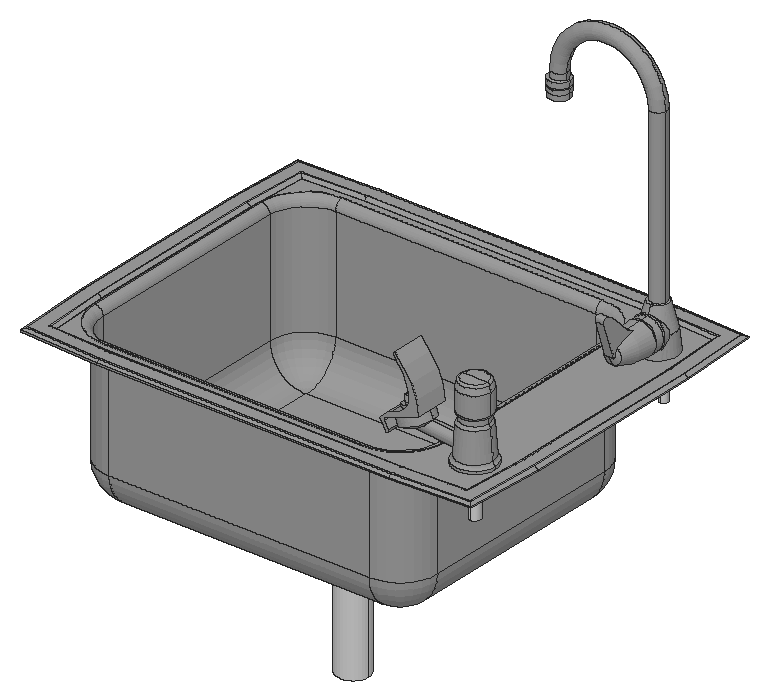
Revit family "equip-sink-clsrm-elkay-s-lustrtne-drkr2217rc", category Plumbing Fixtures, Revit 2019
Family settings
  Round Connector Dimension = Use Radius
  Part Type = Normal
  OmniClass Number = 23.45.05.14.14.27
  OmniClass Title = Service Sinks
  Work Plane-Based = Yes
  Always vertical = Yes
  Cut with Voids When Loaded = No
  Shared = No
  Room Calculation Point = No
Parameters (values of type "DRKR2217RC")
  URL = "www.elkayusa.com"
  Stem Material = Metal - Steel
  Specification Sheet URL = "http://www.elkayusa.com/cps/rde/xbcr/elkay/01-20G_DRKR(Q)2217_DRKAD(Q)2217.pdf"
  Sink Width = 1' - 5"
  Sink Part = "DRKR2217R-2"
  Sink Material = Metal - Steel - Stainless - Chrome
  Sink Length = 1' - 10"
  Sink Ledge Right Width Hidden = if(Sink Ledge Right Width > 0' 1 1/2", Sink Ledge Right Width, 0' 1 1/2")  # 0' - 4 1/2"
  Sink Ledge Right Width = 0' - 4 1/2"
  Sink Ledge Left Width Hidden = if(Sink Ledge Left Width > 0' 1 1/2", Sink Ledge Left Width, 0' 1 1/2")  # 0' - 1 1/2"
  Sink Ledge Left Width = 0' - 1 1/2"
  Sink Ledge Front Width Hidden = if(Sink Ledge Front Width > 0' 1 1/2", Sink Ledge Front Width, 0' 1 1/2")  # 0' - 1 3/4"
  Sink Ledge Front Width = 0' - 1 3/4"
  Sink Ledge Back Width Hidden = if(Sink Ledge Back Width > 0' 1 1/2", Sink Ledge Back Width, 0' 1 1/2")  # 0' - 1 3/4"
  Sink Ledge Back Width = 0' - 1 3/4"
  Right Faucet Hole Three Top = 0' - 0 1/8"
  Right Faucet Hole Three = Right Faucet Hole Three Top > 0' 0 63/256"  # no
  Right Faucet Hole OneTwo Top = 0' - 0 1/8"
  Right Faucet Hole OneTwo = Right Faucet Hole OneTwo Top > 0' 0 63/256"  # no
  Right Faucet Hole One to CL = 0' - 4"
  Nominal Radius = Nominal Dia / 2  # 0' - 0 3/16"
  Nominal Dia = 0' - 0 3/8"
  Left Faucet Hole Three = Left Faucet Hole Three Top > 0' 0 63/256"  # no
  Left Faucet Hole OneTwo = Left Faucet Hole OneTwo Top > 0' 0 63/256"  # no
  HW Flow Rate = 2 GPM
  Faucet Part = "LKD208513L"
  Faucet Material = Metal - Steel - Stainless - Chrome
  Drain Part = "LK35"
  Drain Material = Metal - Steel - Stainless - Chrome
  CW Flow Rate = 2 GPM
  Bubbler Part = "LK1141A"
  Bubbler Nominal Radius = Bubbler Nominal Dia / 2  # 0' - 0 1/4"
  Bubbler Nominal Dia = 0' - 0 1/2"
  Bubbler Material = Metal - Steel - Stainless - Chrome
  Bubbler CW Flow Rate = 2 GPM
  Bubbler Back Left = Bubbler Back Left Top > 0' 0 63/256"  # no
  Bubbler Front Right = Bubbler Front Right Top > 0' 0 63/256"  # yes
  Bubbler Front Left = Bubbler Front Left Top > 0' 0 63/256"  # no
  Bubbler Back Right = Bubbler Back Right Top > 0' 0 63/256"  # yes
  Back Faucet Hole Three = Back Faucet Hole Three Top > 0' 0 63/256"  # no
  Back Faucet Hole OneTwo = Back Faucet Hole OneTwo Top > 0' 0 63/256"  # no
  Back Faucet CL to Back = 0' - 2 1/4"
  Left Faucet Hole Three Top = 0' - 0 1/8"
  Left Faucet Hole OneTwo Top = 0' - 0 1/8"
  Bubbler Back Right Top = 0' - 0 1/2"
  Bubbler Front Right Radius = 0' - 0 9/16"
  Bubbler Front Left Radius = 0' - 0 9/16"
  Back Faucet Hole One to CL = 0' - 3"
  Drain CL LR to Left Bowl Edge = Bowl Length / 2  # 0' - 8"
  Bubbler Right from Edge = 0' - 2 1/4"
  Bubbler Back Left Top = 0' - 0 1/8"
  Bubbler Front Left Top = 0' - 0 1/8"
  Bubbler Left From Edge = 0' - 2 1/4"
  Back Faucet Hole Three Top = 0' - 0 1/8"
  Back Faucet Hole OneTwo Top = 0' - 0 1/8"
  Bowl Depth = 0' - 7 5/8"
  Bubbler Front Right Top = 0' - 0 1/2"
  Sanitary Flow Rate = 10 GPM
  OmniClass Title = "Service Sinks"
  OmniClass Code = "23.45.05.14.14.27"
  Sanitary Nominal Radius = Sanitary Nominal Dia / 2  # 0' - 0 3/4"
  Sanitary Nominal Dia = 0' - 1 1/2"
  Model = "DRKR2217RC"
  Minimum Cabinet Width = "27\""
  MasterFormat Title = "Commercial Sinks"
  MasterFormat Number = "22.42.16.16"
  Manufacturer = "Elkay Manufacturing"
  Bowl Drain Location FB = 0' - 6 3/4"
  Description = "Lustertone Classroom Single Bowl Sink"  # constant formula
  Default Elevation = 3' - 0"
  Deep Specification Sheet URL = ""
  Date Created = "2011-05-08"
  Bowl Length = Sink Length - Sink Ledge Left Width - Sink Ledge Right Width  # 1' - 4"
  Bowl Width = (Sink Width - Sink Ledge Front Width - Sink Ledge Back Width)  # 1' - 1 1/2"
  Assembly Code = "D2010410"
Reference planes (in)
  plane 1 "CL Sink Hole": y = 0
  plane 2 "Sink Deck": z = 0
  plane 3 "Center (Left/Right)": x = 0
  plane 4 "Basin Edge Left": x = -9.5
  plane 5 "Basin Edge Right": x = 6.5
  plane 6 "Back Right Bowl Edge": y = 6.75
  plane 7 "Basin Edge Front": y = -6.75
  plane 8 "Left": x = -11
  plane 9 "Right": x = 11
  plane 10 "Back": y = 8.5
  plane 11 "Front": y = -8.5
  plane 12 "Sink Angle Back Corner": y = 8.3125
  plane 13 "Sink Angle Right Corner": x = 10.8125
  plane 14 "Sink Angle Right": x = 7
  plane 15 "Sink Angle Back": y = 4.5
  plane 16 "Sink Angle Left": x = -7
  plane 17 "Sink Angle Left Corner": x = -10.8125
  plane 18 "Sink Angle Front Corner": y = -8.3125
  plane 19 "Sink Angle Front": y = -4.5
  plane 20 "Edge Opening Right": x = 6.921875
  plane 21 "Edge Opening Left": x = -9.921875
  plane 22 "Sink Top Piece Bottom Face": z = -0.0625
  plane 23 "Top Radius Corner Prot": z = -0.421875
  plane 24 "Left Sink Bottom Piece Left Edge": x = -7.8125
  plane 25 "Sink Bottom Piece Right Edge": x = 4.8125
  plane 26 "Sink Bottom Piece Back Edge": y = 5.0625
  plane 27 "Sink Bottom Piece Front Edge": y = -5.0625
  plane 28 "Center (Front/Back)": y = 0
  plane 29 "Right Bowl CL Drain": x = -1.5
  plane 30 "Edge Opening Front": y = -7.171875
  plane 31 "Right Sink Right Edge Radius": x = 4.75
  plane 32 "Front Edge Bottom Edge Radius": y = -5
  plane 33 "Back Edge Bottom Edge Radius": y = 5
  plane 34 "Back Right Edge Opening": y = 7.171875
  plane 35 "Left Bowl Bottom Edge Radius": x = -7.75
  plane 36 "Masking Region": z = 1.2515695
  plane 37 "Sink Angle Right Inside Corner": x = 9.9925507
  plane 38 "Sink Angle Back Inside Corner": y = 7.4925507
  plane 39 "Sink Angle Front Inside Corner": y = -7.4925507
  plane 40 "Sink Angle Left Inside Corner": x = -9.9925507
  plane 41 "Sink Angle Right Inside Offset Corner": x = 9.8511143
  plane 42 "Sink Angle Back Inside Offset Corner": y = 7.3511143
  plane 43 "Sink Angle Front Inside Offset Corner": y = -7.3511143
  plane 44 "Sink Angle Left Inside Offset Corner": x = -9.8511143
  plane 45 "Right Bowl Bottom Top Face": z = -7.5047681
  plane 46 "Right Bowl Bottom Bottom Face": z = -7.5672681
  plane 47 "Right Bowl Bottom Top of Radius": z = -5.8172681
  plane 48 "Right Sink Drain Elev Bottom": z = -9.0047681
  plane 49 "Right Sink Drain Top Elev": z = -8.7547681
  plane 50 "Faucet Hole Bottom": z = -0.25
  plane 51 "Left Faucet Hole Top": z = 0.25
  plane 52 "Faucet Hole CL Front/Back": y = 6.25
  plane 53 "Faucet Back Hole One-Two": z = -0.125
  plane 54 "Right Faucet Hole 1": x = -4.5
  plane 55 "Right Faucet Hole 2": x = -0.5
  plane 56 "Right Faucet Hole 3": x = 3.5
  plane 57 "Left  Bubbler CL Left/Right": x = -8.75
  plane 58 "Right Bubbler CL Left/Right": x = 8.75
  plane 59 "Bubbler Front CL": y = -5.5
  plane 60 "Top of Rim": z = 0.1202319
  plane 61 "CL Bowl Left/Right": x = -1.5
  plane 62 "Left Front Bubbler Top": z = -0.125
  plane 63 "Faucet Back Hole Three": z = -0.125
  plane 64 "Bubbler Rear CL F B": y = 5.5
  plane 65 "Bubbler Rear Left Top": z = -0.125
  plane 66 "Right Faucet Hole Three": y = 4
  plane 67 "Right Faucet Hole Two": y = 0
  plane 68 "Right Faucet Hole One": y = -4
  plane 69 "CL Bowl Front/Back": y = 0
  plane 70 "Right Faucet Hole OneTwo Top": z = -0.125
  plane 71 "Right Faucet Hole Three Top": z = -0.125
  plane 72 "Left Faucet Hole OneTwo Top": z = -0.125
  plane 73 "Left Faucet Hole Three Top": z = -0.125
  plane 74 "Bubble Rear Right Top": z = 0.25
Forms (in)
  Extrusion 1, solid, material "Metal - Steel - Stainless - Chrome" <- "Sink Material"
    sketch origin (0, 0, 0) x (1, 0, 0) y (0, 1, 0)
      loop
        line (-7.75, -7.171875) -> (4.75, -7.171875)
        arc (4.75, -7.171875) -> (6.2857475, -6.5357475) -> (6.921875, -5) r 2.171875
        line (6.921875, -5) -> (6.921875, 5)
        arc (6.921875, 5) -> (6.2857475, 6.5357475) -> (4.75, 7.171875) r 2.171875
        line (4.75, 7.171875) -> (-7.75, 7.171875)
        arc (-7.75, 7.171875) -> (-9.2857475, 6.5357475) -> (-9.921875, 5) r 2.171875
        line (-9.921875, 5) -> (-9.921875, -5)
        arc (-9.921875, -5) -> (-9.2857475, -6.5357475) -> (-7.75, -7.171875) r 2.171875
      loop
        line (-7, 7.4925507) -> (-9.8511143, 7.3511143) -> (-9.9925507, 4.5) -> (-9.9925507, -4.5) -> (-9.8511143, -7.3511143) -> (-7, -7.4925507) -> (7, -7.4925507) -> (9.8511143, -7.3511143) -> (9.9925507, -4.5) -> (9.9925507, 4.5) -> (9.8511143, 7.3511143) -> (7, 7.4925507) -> (-7, 7.4925507)
    from -0.0625 to 0
  Extrusion 2, solid, material "Metal - Steel - Stainless - Chrome" <- "Sink Material"
    sketch origin (0, 0, 0) x (1, 0, 0) y (0, 1, 0)
      loop
        arc (-7.75, 5.0625) -> (-7.7941942, 5.0441942) -> (-7.8125, 5) r 0.0625
        line (-7.8125, 5) -> (-7.8125, -5)
        arc (-7.8125, -5) -> (-7.7941942, -5.0441942) -> (-7.75, -5.0625) r 0.0625
        line (-7.75, -5.0625) -> (4.75, -5.0625)
        arc (4.75, -5.0625) -> (4.7941942, -5.0441942) -> (4.8125, -5) r 0.0625
        line (4.8125, -5) -> (4.8125, 5)
        arc (4.8125, 5) -> (4.7941942, 5.0441942) -> (4.75, 5.0625) r 0.0625
        line (4.75, 5.0625) -> (-7.75, 5.0625)
      loop
        circle (-1.5, 0) r 2.25
    from -7.5672681 to -7.5047681
  Sweep 3, solid, material "Metal - Steel - Stainless - Chrome" <- "Sink Material"
    path origin (0, 0, -7.5047681) x (-1, 0, 0) y (0, -1, 0)
      loop
        circle (1.5, 0) r 2.25
    profile "profile-elkay-sink-d4-csk : profile-elkay-sink-d4-csk" origin (-1.5, -2.25, -7.5047681) x (0, 1, 0) y (0, 0, 1)
      loop
        line (0.5, -0.2911069) -> (0.1564602, -0.1343744)
        arc (0.1564602, -0.1343744) -> (0.1424945, -0.125589) -> (0.1313144, -0.1134552) r 0.0625
        line (0.1313144, -0.1134552) -> (0.0881719, -0.0522605)
        arc (0.0881719, -0.0522605) -> (0.0506391, -0.015074) -> (0, 0) r 0.1086
        line (0, 0) -> (0, -0.0461763)
        arc (0, -0.0461763) -> (0.0262058, -0.0541921) -> (0.0464633, -0.0726483) r 0.0625
        line (0.0464633, -0.0726483) -> (0.093406, -0.1396891)
        arc (0.093406, -0.1396891) -> (0.1129384, -0.1609677) -> (0.1373891, -0.1763448) r 0.1086
        line (0.1373891, -0.1763448) -> (0.5, -0.3417784) -> (0.5, -0.2911069)
  Sweep 4, solid, material "Metal - Steel - Stainless - Chrome" <- "Sink Material"
    path origin (0, 0, 0) x (1, 0, 0) y (0, 1, 0)
      loop
        line (-7.75, -6.75) -> (4.75, -6.75)
        arc (4.75, -6.75) -> (5.9874369, -6.2374369) -> (6.5, -5) r 1.75
        line (6.5, -5) -> (6.5, 5)
        arc (6.5, 5) -> (5.9874369, 6.2374369) -> (4.75, 6.75) r 1.75
        line (4.75, 6.75) -> (-7.75, 6.75)
        arc (-7.75, 6.75) -> (-8.9874369, 6.2374369) -> (-9.5, 5) r 1.75
        line (-9.5, 5) -> (-9.5, -5)
        arc (-9.5, -5) -> (-8.9874369, -6.2374369) -> (-7.75, -6.75) r 1.75
    profile origin (-1.5, -6.75, 0) x (0, 1, 0) y (0, 0, 1)
      loop
        arc (0, -0.421875) -> (-0.1235643, -0.1235643) -> (-0.421875, 0) r 0.421875
        line (-0.421875, 0) -> (-0.421875, -0.0625)
        arc (-0.421875, -0.0625) -> (-0.1677585, -0.1677585) -> (-0.0625, -0.421875) r 0.359375
        line (-0.0625, -0.421875) -> (-0.0625, -5.8172681)
        arc (-0.0625, -5.8172681) -> (0.4500631, -7.054705) -> (1.6875, -7.5672681) r 1.75
        line (1.6875, -7.5672681) -> (1.6875, -7.5047681)
        arc (1.6875, -7.5047681) -> (0.4942573, -7.0105108) -> (0, -5.8172681) r 1.6875
        line (0, -5.8172681) -> (0, -0.421875)
  Extrusion 5, solid, material "Glass", not visible
    sketch origin (0, 0, -4.7547681) x (0, -1, 0) y (1, 0, 0)
      loop
        circle (0, -1.5) r 0.75
    from -4.25 to -4
  Sweep 6, solid, material "Metal - Steel - Stainless - Chrome" <- "Sink Material"
    path origin (0, 0, 0) x (1, 0, 0) y (0, 1, 0)
      loop
        line (-7, -8.5) -> (7, -8.5) -> (10.8125, -8.3125) -> (11, -4.5) -> (11, 4.5) -> (10.8125, 8.3125) -> (7, 8.5) -> (-7, 8.5) -> (-10.8125, 8.3125) -> (-11, 4.5) -> (-11, -4.5) -> (-10.8125, -8.3125) -> (-7, -8.5)
    profile "profile-elkay-sink-rim-9 : profile-elkay-sink-rim-9" origin (0, -8.5, 0) x (0, 1, 0) y (0, 0, 1)
      loop
        line (0, 0.0163327) -> (0, -0.0360681) -> (0.2039181, 0.0741316) -> (0.8052651, 0.0741316) -> (1.0074493, -0.0546586) -> (1.0074493, 0) -> (0.841093, 0.1059673)
        arc (0.841093, 0.1059673) -> (0.8176388, 0.1165931) -> (0.7921483, 0.1202319) r 0.091102
        line (0.7921483, 0.1202319) -> (0.2153023, 0.1202319)
        arc (0.2153023, 0.1202319) -> (0.1929626, 0.1174506) -> (0.1719868, 0.1092765) r 0.0911081
        line (0.1719868, 0.1092765) -> (0, 0.0163327)
  Extrusion 7, void
    sketch origin (0, 0, 0) x (1, 0, 0) y (0, 1, 0)
      loop
        circle (8.75, -5.5) r 0.5625
    from -0.25 to 0.25
  Extrusion 8, void
    sketch origin (0, 0, 0) x (1, 0, 0) y (0, 1, 0)
      loop
        circle (8.75, 5.5) r 0.5625
    from -0.25 to 0.25
Cuts and joins
  joined: Extrusion 2, Sweep 3, Sweep 4
  Extrusion 7, Extrusion 8 cuts Extrusion 1
Lines and regions (in)
  Masking region 1
    outline origin (0, 0, 1.2515695) x (-1, 0, 0) y (0, -1, 0)
      loop
        line (7, -8.5) -> (10.8125, -8.3125) -> (11, -4.5) -> (11, 4.5) -> (10.8125, 8.3125) -> (7, 8.5) -> (-7, 8.5) -> (-10.8125, 8.3125) -> (-11, 4.5) -> (-11, -4.5) -> (-10.8125, -8.3125) -> (-7, -8.5) -> (7, -8.5)
  reference lines, not visible
    curve 1: line (7, 8.5, 0) -> (10.8125, 8.3125, 0)
    curve 2: line (10.8125, 8.3125, 0) -> (11, 4.5, 0)
    curve 3: line (-7, 8.5, 0) -> (-10.8125, 8.3125, 0)
    curve 4: line (-10.8125, 8.3125, 0) -> (-11, 4.5, 0)
    curve 5: line (-11, -4.5, 0) -> (-10.8125, -8.3125, 0)
    curve 6: line (-10.8125, -8.3125, 0) -> (-7, -8.5, 0)
    curve 7: line (11, -4.5, 0) -> (10.8125, -8.3125, 0)
    curve 8: line (10.8125, -8.3125, 0) -> (7, -8.5, 0)
    curve 9: arc (0, -6.75, -0.421875) -> (0, -6.8735643, -0.1235643) -> (0, -7.171875, 0) r 0.421875
    curve 10: arc (4.8125, 5, 0) -> (4.7941942, 5.0441942, 0) -> (4.75, 5.0625, 0) r 0.0625
    curve 11: arc (-8.8125, 5, 0) -> (-8.7941942, 5.0441942, 0) -> (-8.75, 5.0625, 0) r 0.0625
    curve 12: arc (-8.75, -5.0625, 0) -> (-8.7941942, -5.0441942, 0) -> (-8.8125, -5, 0) r 0.0625
    curve 13: arc (4.8125, -5, 0) -> (4.7941942, -5.0441942, 0) -> (4.75, -5.0625, 0) r 0.0625
    curve 14: arc (6.5, 5, 0) -> (5.9874369, 6.2374369, 0) -> (4.75, 6.75, 0) r 1.75
    curve 15: arc (6.5, -5, 0) -> (5.9874369, -6.2374369, 0) -> (4.75, -6.75, 0) r 1.75
    curve 21: circle (-1.5, 0, -9.0047681) r 0.75 normal (0, 0, 1)
  reference lines
    curve 16: arc (6.921875, 5, 0) -> (6.2857475, 6.5357475, 0) -> (4.75, 7.171875, 0) r 2.171875
    curve 17: arc (6.921875, -5, 0) -> (6.2857475, -6.5357475, 0) -> (4.75, -7.171875, 0) r 2.171875
    curve 22: line (9.9925507, -4.5, 0) -> (9.8511143, -7.3511143, 0)
    curve 23: line (7, -7.4925507, 0) -> (9.8511143, -7.3511143, 0)
    curve 24: line (-9.9925507, -4.5, 0) -> (-9.8511143, -7.3511143, 0)
    curve 25: line (9.9925507, 4.5, 0) -> (9.8511143, 7.3511143, 0)
    curve 26: line (9.8511143, 7.3511143, 0) -> (7, 7.4925507, 0)
    curve 27: line (-7, 7.4925507, 0) -> (-9.8511143, 7.3511143, 0)
    curve 28: line (-9.8511143, 7.3511143, 0) -> (-9.9925507, 4.5, 0)
    curve 29: line (-7, -7.4925507, 0) -> (-9.8511143, -7.3511143, 0)
    curve 30: arc (0, -5.0625, -7.5047681) -> (0, -6.2557427, -7.0105108) -> (0, -6.75, -5.8172681) r 1.6875
    curve 31: arc (-7.75, -5.0625, 0) -> (-7.7941942, -5.0441942, 0) -> (-7.8125, -5, 0) r 0.0625
    curve 32: arc (-7.75, -6.75, 0) -> (-8.9874369, -6.2374369, 0) -> (-9.5, -5, 0) r 1.75
    curve 33: arc (-9.921875, -5, 0) -> (-9.2857475, -6.5357475, 0) -> (-7.75, -7.171875, 0) r 2.171875
    curve 34: arc (-9.5, 5, 0) -> (-8.9874369, 6.2374369, 0) -> (-7.75, 6.75, 0) r 1.75
    curve 35: arc (-9.921875, 5, 0) -> (-9.2857475, 6.5357475, 0) -> (-7.75, 7.171875, 0) r 2.171875
    curve 36: arc (-7.8125, 5, 0) -> (-7.7941942, 5.0441942, 0) -> (-7.75, 5.0625, 0) r 0.0625
    curve 54: circle (8.75, -5.5, 0) r 0.5625 normal (0, 0, 1)
    curve 55: circle (-8.75, -5.5, 0) r 0.5625 normal (0, 0, 1)
  symbolic lines, style "Sinks"
    curve 18: line (6.5, 5, 1.2515695) -> (6.5, -4.718498, 1.2515695)
    curve 20: arc (6.5, 5, 1.2515695) -> (6.4989106, 5.0617405, 1.2515695) -> (6.4956436, 5.123404, 1.2515695) r 1.75
    curve 37: line (-7.75, 6.75, 1.2515695) -> (4.75, 6.75, 1.2515695)
    curve 38: line (-7.75, -6.75, 1.2515695) -> (4.75, -6.75, 1.2515695)
    curve 39: line (-9.5, 5, 1.2515695) -> (-9.5, -4.7191231, 1.2515695)
    curve 40: arc (-7.75, -6.75, 1.2515695) -> (-8.388996, -6.6291667, 1.2515695) -> (-8.9397497, -6.2833533, 1.2515695) r 1.75
    curve 41: arc (-9.5, 5, 1.2515695) -> (-9.4988979, 5.0620968, 1.2515695) -> (-9.4955931, 5.1241153, 1.2515695) r 1.75
    curve 42: line (-7, 7.4925507, 1.2515695) -> (7, 7.4925507, 1.2515695)
    curve 43: line (-9.9925507, -4.5, 1.2515695) -> (-9.9925507, 4.5, 1.2515695)
    curve 44: line (9.9925507, 4.5, 1.2515695) -> (9.9925507, -4.5, 1.2515695)
    curve 45: line (7, -7.4925507, 1.2515695) -> (-7, -7.4925507, 1.2515695)
    curve 46: line (9.9925507, -4.5, 1.2515695) -> (9.8511143, -7.3511143, 1.2515695)
    curve 47: line (7, -7.4925507, 1.2515695) -> (9.8511143, -7.3511143, 1.2515695)
    curve 48: line (-7, -7.4925507, 1.2515695) -> (-9.8511143, -7.3511143, 1.2515695)
    curve 49: line (-7, 7.4925507, 1.2515695) -> (-9.8511143, 7.3511143, 1.2515695)
    curve 50: line (-9.8511143, 7.3511143, 1.2515695) -> (-9.9925507, 4.5, 1.2515695)
    curve 51: line (9.8511143, 7.3511143, 1.2515695) -> (7, 7.4925507, 1.2515695)
    curve 52: line (9.9925507, 4.5, 1.2515695) -> (9.8511143, 7.3511143, 1.2515695)
    curve 53: line (-9.9925507, -4.5, 1.2515695) -> (-9.8511143, -7.3511143, 1.2515695)
    curve 58: circle (-1.5, 0, 1.2515695) r 2.25 normal (0, 0, 1)
    curve 59: circle (-1.5, 0, 1.2515695) r 1.75 normal (0, 0, 1)
    curve 60: arc (-9.2651505, 5.875682, 1.2515695) -> (-8.624659, 6.5157413, 1.2515695) -> (-7.75, 6.75, 1.2515695) r 1.75
    curve 61: arc (-9.4955931, 5.1241153, 1.2515695) -> (-9.4231185, 5.5130055, 1.2515695) -> (-9.2651505, 5.875682, 1.2515695) r 1.75
    curve 63: arc (-8.9397497, -6.2833533, 1.2515695) -> (-9.3538332, -5.7001565, 1.2515695) -> (-9.5, -5, 1.2515695) r 1.75
    curve 64: arc (5.9420721, -6.2811963, 1.2515695) -> (5.3904711, -6.6285874, 1.2515695) -> (4.75, -6.75, 1.2515695) r 1.75
    curve 66: arc (6.265048, 5.8758593, 1.2515695) -> (5.6245702, 6.5157925, 1.2515695) -> (4.75, 6.75, 1.2515695) r 1.75
  symbolic lines, style "InvisibleLines"
    curve 19: arc (6.5, -5, 1.2515695) -> (6.3544666, -5.6987037, 1.2515695) -> (5.9420721, -6.2811963, 1.2515695) r 1.75
    curve 62: line (-9.5, -4.7191231, 1.2515695) -> (-9.5, -5, 1.2515695)
    curve 65: line (6.5, -4.718498, 1.2515695) -> (6.5, -5, 1.2515695)
    curve 67: arc (6.4956436, 5.123404, 1.2515695) -> (6.4231929, 5.5127625, 1.2515695) -> (6.265048, 5.8758593, 1.2515695) r 1.75
  symbolic lines, style "InvisibleLines", visible <- "Bubbler Back Right"
    curve 56: circle (8.75, 5.5, 1.2515695) r 0.5625 normal (0, 0, 1)
  symbolic lines, style "InvisibleLines", visible <- "Bubbler Front Right"
    curve 57: circle (8.75, -5.5, 1.2515695) r 0.5625 normal (0, 0, 1)
Dimensions and locks (in)
  "Sink Ledge Left Width Hidden": plane 8 "Left" to plane 4 "Basin Edge Left"
  "Sink Ledge Right Width Hidden": plane 5 "Basin Edge Right" to plane 9 "Right"
  "Sink Length": plane 8 "Left" to plane 9 "Right"
  "Bowl Drain Location FB": plane 6 "Back Right Bowl Edge" to plane 1 "CL Sink Hole"
  "Sink Ledge Back Width Hidden": plane 10 "Back" to plane 6 "Back Right Bowl Edge"
  "Sink Ledge Front Width Hidden": plane 7 "Basin Edge Front" to plane 11 "Front"
  locked: plane 13 "Sink Angle Right Corner" to plane 9 "Right" at 0.1875
  locked: plane 10 "Back" to plane 12 "Sink Angle Back Corner" at 0.1875
  locked: plane 14 "Sink Angle Right" to plane 9 "Right" at 4
  locked: plane 10 "Back" to plane 15 "Sink Angle Back" at 4
  locked: plane 8 "Left" to plane 17 "Sink Angle Left Corner" at 0.1875
  locked: plane 8 "Left" to plane 16 "Sink Angle Left" at 4
  locked: plane 18 "Sink Angle Front Corner" to plane 11 "Front" at 0.1875
  locked: plane 19 "Sink Angle Front" to plane 11 "Front" at 4
  "Sink Width": plane 10 "Back" to plane 11 "Front"
  locked: plane 21 "Edge Opening Left" to plane 4 "Basin Edge Left" at 0.421875
  locked: plane 27 "Sink Bottom Piece Front Edge" to plane 7 "Basin Edge Front" at 1.6875
  locked: plane 4 "Basin Edge Left" to plane 24 "Left Sink Bottom Piece Left Edge" at 1.6875
  locked: plane 25 "Sink Bottom Piece Right Edge" to plane 5 "Basin Edge Right" at 1.6875
  locked: plane 6 "Back Right Bowl Edge" to plane 26 "Sink Bottom Piece Back Edge" at 1.6875
  locked: plane 5 "Basin Edge Right" to plane 20 "Edge Opening Right" at 0.421875
  equal spacing: plane 10 "Back", plane 28 "Center (Front/Back)", plane 11 "Front"
  equal spacing: plane 8 "Left", plane 3 "Center (Left/Right)", plane 9 "Right"
  locked: plane 31 "Right Sink Right Edge Radius" to plane 25 "Sink Bottom Piece Right Edge" at 0.0625
  locked: plane 32 "Front Edge Bottom Edge Radius" to plane 27 "Sink Bottom Piece Front Edge" at 0.0625
  locked: plane 26 "Sink Bottom Piece Back Edge" to plane 33 "Back Edge Bottom Edge Radius" at 0.0625
  locked: plane 34 "Back Right Edge Opening" to plane 6 "Back Right Bowl Edge" at 0.421875
  locked: plane 7 "Basin Edge Front" to plane 30 "Edge Opening Front" at 0.421875
  locked: plane 24 "Left Sink Bottom Piece Left Edge" to plane 35 "Left Bowl Bottom Edge Radius" at 0.0625
  locked: plane 2 "Sink Deck" to plane 23 "Top Radius Corner Prot" at 0.421875
  locked: plane 2 "Sink Deck" to plane 22 "Sink Top Piece Bottom Face" at 0.0625
  locked: plane 36 "Masking Region" to plane 2 "Sink Deck" at 1.2515695
  locked: plane 37 "Sink Angle Right Inside Corner" to plane 9 "Right" at 1.0074493
  locked: plane 8 "Left" to plane 40 "Sink Angle Left Inside Corner" at 1.0074493
  locked: plane 10 "Back" to plane 38 "Sink Angle Back Inside Corner" at 1.0074493
  locked: plane 39 "Sink Angle Front Inside Corner" to plane 11 "Front" at 1.0074493
  locked: plane 41 "Sink Angle Right Inside Offset Corner" to plane 37 "Sink Angle Right Inside Corner" at 0.1414364
  locked: plane 42 "Sink Angle Back Inside Offset Corner" to plane 38 "Sink Angle Back Inside Corner" at 0.1414364
  locked: plane 39 "Sink Angle Front Inside Corner" to plane 43 "Sink Angle Front Inside Offset Corner" at 0.1414364
  locked: plane 40 "Sink Angle Left Inside Corner" to plane 44 "Sink Angle Left Inside Offset Corner" at 0.1414364
  locked: plane 47 "Right Bowl Bottom Top of Radius" to plane 45 "Right Bowl Bottom Top Face" at 1.6875
  locked: plane 45 "Right Bowl Bottom Top Face" to plane 46 "Right Bowl Bottom Bottom Face" at 0.0625
  "Bowl Depth": plane 60 "Top of Rim" to plane 45 "Right Bowl Bottom Top Face"
  locked: plane 49 "Right Sink Drain Top Elev" to plane 48 "Right Sink Drain Elev Bottom" at 0.25
  locked: plane 45 "Right Bowl Bottom Top Face" to plane 48 "Right Sink Drain Elev Bottom" at 1.5
  "Back Faucet CL to Back": plane 10 "Back" to plane 52 "Faucet Hole CL Front/Back"
  locked: plane 2 "Sink Deck" to plane 50 "Faucet Hole Bottom" at 0.25
  "Bubbler Front Right Top": plane 51 "Left Faucet Hole Top" to plane 50 "Faucet Hole Bottom"
  "Back Faucet Hole OneTwo Top": plane 53 "Faucet Back Hole One-Two" to plane 50 "Faucet Hole Bottom"
  "Drain CL LR to Left Bowl Edge": plane 4 "Basin Edge Left" to plane 29 "Right Bowl CL Drain"
  locked: plane 54 "Right Faucet Hole 1" to plane 55 "Right Faucet Hole 2" at 4
  locked: plane 54 "Right Faucet Hole 1" to plane 56 "Right Faucet Hole 3" at 8
  "Bubbler Right from Edge": plane 58 "Right Bubbler CL Left/Right" to plane 9 "Right"
  "Bubbler Left From Edge": plane 8 "Left" to plane 57 "Left  Bubbler CL Left/Right"
  locked: plane 59 "Bubbler Front CL" to plane 11 "Front" at 3
  locked: plane 60 "Top of Rim" to plane 2 "Sink Deck" at 0.1202319
  "Back Faucet Hole One to CL": plane 54 "Right Faucet Hole 1" to plane 61 "CL Bowl Left/Right"
  equal spacing: plane 4 "Basin Edge Left", plane 61 "CL Bowl Left/Right", plane 5 "Basin Edge Right"
  "Bubbler Front Left Top": plane 62 "Left Front Bubbler Top" to plane 50 "Faucet Hole Bottom"
  "Back Faucet Hole Three Top": plane 50 "Faucet Hole Bottom" to plane 63 "Faucet Back Hole Three"
  locked: plane 10 "Back" to plane 64 "Bubbler Rear CL F B" at 3
  "Bubbler Back Left Top": plane 65 "Bubbler Rear Left Top" to plane 50 "Faucet Hole Bottom"
  equal spacing: plane 6 "Back Right Bowl Edge", plane 69 "CL Bowl Front/Back", plane 7 "Basin Edge Front"
  "Right Faucet Hole One to CL": plane 69 "CL Bowl Front/Back" to plane 68 "Right Faucet Hole One"
  locked: plane 67 "Right Faucet Hole Two" to plane 68 "Right Faucet Hole One" at 4
  locked: plane 66 "Right Faucet Hole Three" to plane 68 "Right Faucet Hole One" at 8
  "Right Faucet Hole OneTwo Top": plane 70 "Right Faucet Hole OneTwo Top" to plane 50 "Faucet Hole Bottom"
  "Right Faucet Hole Three Top": plane 71 "Right Faucet Hole Three Top" to plane 50 "Faucet Hole Bottom"
  "Left Faucet Hole OneTwo Top": plane 72 "Left Faucet Hole OneTwo Top" to plane 50 "Faucet Hole Bottom"
  "Left Faucet Hole Three Top": plane 73 "Left Faucet Hole Three Top" to plane 50 "Faucet Hole Bottom"
  "Bubbler Back Right Top": plane 74 "Bubble Rear Right Top" to plane 50 "Faucet Hole Bottom"
  "Sanitary Nominal Radius": radius of curve 21
  "Bubbler Front Right Radius": radius of curve 54
  "Bubbler Front Left Radius": radius of curve 55
  aligned: Extrusion 1 to plane 22 "Sink Top Piece Bottom Face"
  aligned and locked: Extrusion 2 sketch curve to curve 13
  aligned and locked: Extrusion 2 sketch curve to curve 10
  aligned and locked: Sweep 4 sketch curve to curve 14
  aligned and locked: Sweep 4 sketch curve to curve 15
  aligned and locked: Sweep 4 sketch curve to curve 9
  aligned and locked: Extrusion 1 sketch curve to curve 16
  aligned and locked: Extrusion 1 sketch curve to curve 17
  aligned and locked: plane 2 "Sink Deck" to Extrusion 1
  aligned and locked: Extrusion 1 to plane 22 "Sink Top Piece Bottom Face"
  aligned and locked: curve 19 to curve 15
  aligned and locked: curve 20 to curve 14
  aligned and locked: Extrusion 5 sketch curve to curve 21
  aligned and locked: Sweep 6 sketch curve to plane 11 "Front"
  aligned and locked: Sweep 6 sketch curve to plane 9 "Right"
  aligned and locked: Sweep 6 sketch curve to plane 10 "Back"
  aligned and locked: Sweep 6 sketch curve to plane 8 "Left"
  aligned and locked: Sweep 6 sketch curve to curve 4
  aligned and locked: Sweep 6 sketch curve to curve 5
  aligned and locked: Sweep 6 sketch curve to curve 7
  aligned and locked: Sweep 6 sketch curve to curve 8
  aligned and locked: Sweep 6 sketch curve to curve 2
  aligned and locked: Sweep 6 sketch curve to curve 1
  aligned and locked: Sweep 6 sketch curve to curve 3
  aligned and locked: Sweep 6 sketch curve to curve 6
  aligned and locked: Extrusion 1 sketch curve to plane 38 "Sink Angle Back Inside Corner"
  aligned and locked: Extrusion 1 sketch curve to plane 40 "Sink Angle Left Inside Corner"
  aligned and locked: Extrusion 1 sketch curve to plane 37 "Sink Angle Right Inside Corner"
  aligned and locked: Extrusion 1 sketch curve to plane 39 "Sink Angle Front Inside Corner"
  aligned and locked: Extrusion 1 sketch curve to curve 29
  aligned and locked: Extrusion 1 sketch curve to curve 24
  aligned and locked: Extrusion 1 sketch curve to curve 27
  aligned and locked: Extrusion 1 sketch curve to curve 28
  aligned and locked: Extrusion 1 sketch curve to curve 26
  aligned and locked: Extrusion 1 sketch curve to curve 25
  aligned and locked: Extrusion 1 sketch curve to curve 22
  aligned and locked: Extrusion 1 sketch curve to curve 23
  aligned and locked: Sweep 4 sketch curve to curve 30
  aligned and locked: plane 45 "Right Bowl Bottom Top Face" to cut or joined group of Extrusion 2, Sweep 3, Sweep 4
  aligned and locked: cut or joined group of Extrusion 2, Sweep 3, Sweep 4 to plane 46 "Right Bowl Bottom Bottom Face"
  aligned and locked: plane 49 "Right Sink Drain Top Elev" to Extrusion 5
  aligned and locked: Extrusion 5 to plane 48 "Right Sink Drain Elev Bottom"
  aligned and locked: Extrusion 7 to plane 50 "Faucet Hole Bottom"
  aligned: plane 53 "Faucet Back Hole One-Two" to Extrusion 7
  aligned and locked: plane 51 "Left Faucet Hole Top" to Extrusion 7
  aligned and locked: Masking region 1 sketch curve to plane 10 "Back"
  aligned and locked: Masking region 1 sketch curve to plane 8 "Left"
  aligned and locked: Masking region 1 sketch curve to plane 9 "Right"
  aligned and locked: Masking region 1 sketch curve to plane 11 "Front"
  aligned and locked: Masking region 1 sketch curve to curve 6
  aligned and locked: Masking region 1 sketch curve to curve 5
  aligned and locked: Masking region 1 sketch curve to curve 4
  aligned and locked: Masking region 1 sketch curve to curve 3
  aligned and locked: Masking region 1 sketch curve to curve 1
  aligned and locked: Masking region 1 sketch curve to curve 2
  aligned and locked: Masking region 1 sketch curve to curve 7
  aligned and locked: Masking region 1 sketch curve to curve 8
  aligned and locked: Sweep 4 sketch curve to curve 34
  aligned and locked: Sweep 4 sketch curve to curve 32
  aligned and locked: Extrusion 2 sketch curve to curve 36
  aligned and locked: Extrusion 2 sketch curve to curve 31
  aligned and locked: Extrusion 1 sketch curve to curve 35
  aligned and locked: Extrusion 1 sketch curve to curve 33
  aligned and locked: curve 40 to curve 32
  aligned and locked: curve 41 to curve 34
  aligned and locked: plane 74 "Bubble Rear Right Top" to Extrusion 8
  aligned and locked: Extrusion 8 to plane 50 "Faucet Hole Bottom"
  aligned and locked: Extrusion 7 sketch curve to curve 54
  aligned and locked: curve 57 to curve 54
  aligned: plane 19 "Sink Angle Front" to nested 1
  aligned and locked: nested 3 to plane 69 "CL Bowl Front/Back"
  aligned and locked: nested 3 to plane 61 "CL Bowl Left/Right"
  aligned and locked: nested 4 to plane 58 "Right Bubbler CL Left/Right"
  aligned and locked: nested 4 to plane 64 "Bubbler Rear CL F B"
  aligned and locked: nested 5 to plane 59 "Bubbler Front CL"
  aligned and locked: nested 5 to plane 58 "Right Bubbler CL Left/Right"
  aligned and locked: nested 1 to plane 58 "Right Bubbler CL Left/Right"
  aligned and locked: nested 1 to plane 59 "Bubbler Front CL"
  aligned and locked: nested 2 to plane 58 "Right Bubbler CL Left/Right"
  aligned and locked: nested 2 to plane 64 "Bubbler Rear CL F B"
Automatic sketch dimensions
  Sweep 4 sketch curve to Sweep 4 sketch curve = 0' - 0"  (x2)
  curve 9 to level = 0' - 0"
  curve 9 to plane 30 "Edge Opening Front" = 0' - 0"
  curve 9 to plane 7 "Basin Edge Front" = 0' - 0"
  curve 30 to plane 7 "Basin Edge Front" = 0' - 0"
  curve 30 to plane 27 "Sink Bottom Piece Front Edge" = 0' - 0"
  curve 30 to plane 45 "Right Bowl Bottom Top Face" = 0' - 0"
  profile plane to Sweep 4 sketch curve = 0' - 0 1/16"
  plane 1 "CL Sink Hole" to curve 21 = 0' - 0"
  curve 21 to plane 29 "Right Bowl CL Drain" = 0' - 0"
  curve 52 to plane 15 "Sink Angle Back" = 0' - 0"
  curve 52 to plane 37 "Sink Angle Right Inside Corner" = 0' - 0"
  curve 46 to plane 41 "Sink Angle Right Inside Offset Corner" = 0' - 0"
  curve 51 to plane 41 "Sink Angle Right Inside Offset Corner" = 0' - 0"
  curve 47 to plane 14 "Sink Angle Right" = 0' - 0"
  curve 51 to plane 14 "Sink Angle Right" = 0' - 0"
  curve 42 to plane 16 "Sink Angle Left" = 0' - 0"
  curve 45 to plane 16 "Sink Angle Left" = 0' - 0"
  curve 53 to plane 43 "Sink Angle Front Inside Offset Corner" = 0' - 0"
  curve 53 to plane 44 "Sink Angle Left Inside Offset Corner" = 0' - 0"
  plane 42 "Sink Angle Back Inside Offset Corner" to curve 49 = 0' - 0"
  curve 49 to plane 44 "Sink Angle Left Inside Offset Corner" = 0' - 0"
  curve 43 to plane 19 "Sink Angle Front" = 0' - 0"
  curve 50 to plane 15 "Sink Angle Back" = 0' - 0"
  curve 50 to plane 40 "Sink Angle Left Inside Corner" = 0' - 0"
  curve 51 to plane 38 "Sink Angle Back Inside Corner" = 0' - 0"
  plane 42 "Sink Angle Back Inside Offset Corner" to curve 52 = 0' - 0"
  curve 44 to plane 19 "Sink Angle Front" = 0' - 0"
  curve 46 to plane 43 "Sink Angle Front Inside Offset Corner" = 0' - 0"
  plane 39 "Sink Angle Front Inside Corner" to curve 47 = 0' - 0"
  Extrusion 8 sketch curve to plane 58 "Right Bubbler CL Left/Right" = 0' - 0"
  Extrusion 8 sketch curve to plane 64 "Bubbler Rear CL F B" = 0' - 0"
  curve 10 to curve 14 = 0' - 0"
  curve 10 to curve 16 = 0' - 0"  (x2)
  curve 13 to curve 15 = 0' - 0"  (x2)
  curve 13 to curve 17 = 0' - 0"  (x2)
  curve 14 to curve 16 = 0' - 0"
  curve 31 to curve 32 = 0' - 0"  (x2)
  curve 31 to curve 33 = 0' - 0"  (x2)
  curve 34 to curve 35 = 0' - 0"  (x2)
  curve 34 to curve 36 = 0' - 0"  (x2)
  curve 4 to plane 8 "Left" = 0' - 0"
  curve 5 to plane 8 "Left" = 0' - 0"
  curve 5 to plane 17 "Sink Angle Left Corner" = 0' - 0"
  curve 4 to plane 12 "Sink Angle Back Corner" = 0' - 0"
  curve 4 to plane 17 "Sink Angle Left Corner" = 0' - 0"
  curve 24 to plane 19 "Sink Angle Front" = 0' - 0"
  curve 24 to plane 40 "Sink Angle Left Inside Corner" = 0' - 0"
  curve 28 to plane 15 "Sink Angle Back" = 0' - 0"
  curve 28 to plane 40 "Sink Angle Left Inside Corner" = 0' - 0"
  plane 42 "Sink Angle Back Inside Offset Corner" to curve 27 = 0' - 0"
  curve 27 to plane 44 "Sink Angle Left Inside Offset Corner" = 0' - 0"
  curve 24 to plane 43 "Sink Angle Front Inside Offset Corner" = 0' - 0"
  curve 24 to plane 44 "Sink Angle Left Inside Offset Corner" = 0' - 0"
  curve 55 to plane 57 "Left  Bubbler CL Left/Right" = 0' - 0"
  curve 27 to plane 16 "Sink Angle Left" = 0' - 0"
  curve 6 to plane 11 "Front" = 0' - 0"
  curve 6 to plane 16 "Sink Angle Left" = 0' - 0"
  curve 3 to plane 10 "Back" = 0' - 0"
  curve 3 to plane 16 "Sink Angle Left" = 0' - 0"
  curve 29 to plane 16 "Sink Angle Left" = 0' - 0"
  curve 35 to plane 21 "Edge Opening Left" = 0' - 0"
  curve 33 to plane 21 "Edge Opening Left" = 0' - 0"
  curve 34 to plane 4 "Basin Edge Left" = 0' - 0"
  curve 32 to plane 4 "Basin Edge Left" = 0' - 0"
  plane 32 "Front Edge Bottom Edge Radius" to curve 12 = 0' - 0"
  plane 33 "Back Edge Bottom Edge Radius" to curve 11 = 0' - 0"
  curve 12 to plane 27 "Sink Bottom Piece Front Edge" = 0' - 0"
  curve 11 to plane 26 "Sink Bottom Piece Back Edge" = 0' - 0"
  curve 31 to plane 24 "Left Sink Bottom Piece Left Edge" = 0' - 0"
  curve 36 to plane 24 "Left Sink Bottom Piece Left Edge" = 0' - 0"
  curve 31 to plane 27 "Sink Bottom Piece Front Edge" = 0' - 0"
  curve 31 to plane 35 "Left Bowl Bottom Edge Radius" = 0' - 0"
  curve 34 to plane 6 "Back Right Bowl Edge" = 0' - 0"
  curve 34 to plane 35 "Left Bowl Bottom Edge Radius" = 0' - 0"
  curve 16 to plane 31 "Right Sink Right Edge Radius" = 0' - 0"
  curve 15 to plane 7 "Basin Edge Front" = 0' - 0"
  curve 15 to plane 31 "Right Sink Right Edge Radius" = 0' - 0"
  curve 10 to plane 25 "Sink Bottom Piece Right Edge" = 0' - 0"
  curve 13 to plane 25 "Sink Bottom Piece Right Edge" = 0' - 0"
  curve 15 to plane 5 "Basin Edge Right" = 0' - 0"
  curve 14 to plane 5 "Basin Edge Right" = 0' - 0"
  curve 17 to plane 20 "Edge Opening Right" = 0' - 0"
  curve 16 to plane 20 "Edge Opening Right" = 0' - 0"
  curve 8 to plane 11 "Front" = 0' - 0"
  curve 8 to plane 14 "Sink Angle Right" = 0' - 0"
  curve 26 to plane 14 "Sink Angle Right" = 0' - 0"
  curve 23 to plane 14 "Sink Angle Right" = 0' - 0"
  curve 1 to plane 10 "Back" = 0' - 0"
  curve 1 to plane 14 "Sink Angle Right" = 0' - 0"
  curve 54 to plane 58 "Right Bubbler CL Left/Right" = 0' - 0"
  curve 23 to plane 41 "Sink Angle Right Inside Offset Corner" = 0' - 0"
  curve 25 to plane 41 "Sink Angle Right Inside Offset Corner" = 0' - 0"
  curve 25 to plane 15 "Sink Angle Back" = 0' - 0"
  curve 25 to plane 37 "Sink Angle Right Inside Corner" = 0' - 0"
  curve 22 to plane 19 "Sink Angle Front" = 0' - 0"
  curve 22 to plane 37 "Sink Angle Right Inside Corner" = 0' - 0"
  curve 8 to plane 13 "Sink Angle Right Corner" = 0' - 0"
  curve 2 to plane 12 "Sink Angle Back Corner" = 0' - 0"
  curve 2 to plane 13 "Sink Angle Right Corner" = 0' - 0"
  curve 2 to plane 9 "Right" = 0' - 0"
  curve 7 to plane 9 "Right" = 0' - 0"
  curve 8 to plane 18 "Sink Angle Front Corner" = 0' - 0"
  curve 6 to plane 18 "Sink Angle Front Corner" = 0' - 0"
  plane 39 "Sink Angle Front Inside Corner" to curve 23 = 0' - 0"
  plane 39 "Sink Angle Front Inside Corner" to curve 29 = 0' - 0"
  curve 22 to plane 43 "Sink Angle Front Inside Offset Corner" = 0' - 0"
  curve 55 to plane 59 "Bubbler Front CL" = 0' - 0"
  curve 54 to plane 59 "Bubbler Front CL" = 0' - 0"
  curve 5 to plane 19 "Sink Angle Front" = 0' - 0"
  curve 7 to plane 19 "Sink Angle Front" = 0' - 0"
  plane 33 "Back Edge Bottom Edge Radius" to curve 10 = 0' - 0"
  curve 4 to plane 15 "Sink Angle Back" = 0' - 0"
  curve 2 to plane 15 "Sink Angle Back" = 0' - 0"
  plane 42 "Sink Angle Back Inside Offset Corner" to curve 26 = 0' - 0"
  curve 27 to plane 38 "Sink Angle Back Inside Corner" = 0' - 0"
  curve 26 to plane 38 "Sink Angle Back Inside Corner" = 0' - 0"
  plane 4 "Basin Edge Left" to curve 12 = 0' - 0 11/16"
  plane 4 "Basin Edge Left" to curve 11 = 0' - 0 11/16"
  curve 56 to plane 58 "Right Bubbler CL Left/Right" = 0' - 0"
  curve 56 to plane 64 "Bubbler Rear CL F B" = 0' - 0"
  plane 1 "CL Sink Hole" to Sweep 3 sketch curve = 0' - 0"
  Sweep 3 sketch curve to plane 29 "Right Bowl CL Drain" = 0' - 0"
  plane 1 "CL Sink Hole" to Extrusion 2 sketch curve = 0' - 0"
  Extrusion 2 sketch curve to plane 29 "Right Bowl CL Drain" = 0' - 0"
  curve 58 to curve 59 = 0' - 0"  (x2)
  plane 1 "CL Sink Hole" to curve 58 = 0' - 0"
  curve 58 to plane 29 "Right Bowl CL Drain" = 0' - 0"
  curve 61 to curve 60 = 0' - 0"
  plane 4 "Basin Edge Left" to curve 61 = 0' - 0.23485"
  curve 41 to curve 60 = 0' - 0"  (x2)
  plane 4 "Basin Edge Left" to curve 41 = 0' - 0.00441"
  curve 62 to plane 19 "Sink Angle Front" = 0' - 0.21912"
  curve 40 to curve 63 = 0' - 0"
  plane 7 "Basin Edge Front" to curve 40 = 0' - 0.46665"
  curve 19 to curve 64 = 0' - 0"
  plane 7 "Basin Edge Front" to curve 19 = 0' - 0.4688"
  curve 18 to plane 19 "Sink Angle Front" = 0' - 0.2185"
  curve 20 to curve 66 = 0' - 0"  (x2)
  curve 66 to plane 5 "Basin Edge Right" = 0' - 0.23495"
  curve 20 to curve 67 = 0' - 0"  (x2)
  curve 67 to plane 5 "Basin Edge Right" = 0' - 0.00436"
  radius of Extrusion 8 sketch curve = 0' - 0 9/16"
  radius of curve 56 = 0' - 0 9/16"
  radius of Sweep 3 sketch curve = 0' - 2 1/4"
  radius of Extrusion 2 sketch curve = 0' - 2 1/4"
  radius of curve 58 = 0' - 2 1/4"
  radius of curve 59 = 0' - 1 3/4"
Nested families (in)
  nested 1: "equip-bubbler-elkay-LK1141A" at (8.75, -5.5, 0) x (0, -1, 0) z (0, 0, 1), type "equip-bubbler-elkay-LK1141A"
  nested 2: "equip-faucet-elkay-LKD208513" at (8.75, 5.5, 0) x (0, -1, 0) z (0, 0, 1), type "equip-faucet-elkay-LKD208513"
  nested 3: "equip-drain-elkay-LK35" at (-1.5, -0.1875, -7.5047681), type "equip-drain-elkay-LK35"
  nested 4: "plan-detail-faucet-elkay-LKD208513" at (8.75, 5.5, 1.2515695) x (0, -1, 0) z (0, 0, 1), type "plan-detail-faucet-elkay-LKD208513"
  nested 5: "plan-detail-bubbler-elkay-LK1141A" at (8.75, -5.5, 1.2515695) x (0, -1, 0) z (0, 0, 1), type "plan-detail-bubbler-elkay-LK1141A"
Connectors (in)
  piping at (-1.5, 0, -8.7547681), diameter 1.5, driven by "Sanitary Nominal Radius", driven by "Sanitary Flow Rate"
    settings: on Extrusion 5, index 2, connector inside diameter 1 1/2", connector length 0' - 0", flow factor 0, pipe flow 10 GPM, pressure drop 0.00 psi, fitting loss kfactor 0, connector angle 0.00°, fixture units 0, engagement length 0' - 0", angle of deflection 0.00°, flow configuration 1, flow direction 2, fitting loss method 0, system type 16, joint type 0, gender type 0, connector reference index -1, connector utility 0, adjustable connector yes, is connector primary yes, connector description "Sink Drain Right"
  piping at (8.4999908, 5.5, -2.12225), diameter 0.375, driven by "Nominal Radius", driven by "HW Flow Rate"
    settings: on nested 2, index 3, connector inside diameter 3/8", connector length 0' - 0", flow factor 0, pipe flow 2 GPM, pressure drop 0.00 psi, fitting loss kfactor 0, connector angle 0.00°, fixture units 0, engagement length 0' - 0", angle of deflection 0.00°, flow configuration 1, flow direction 1, fitting loss method 0, system type 29, joint type 0, gender type 0, connector reference index -1, connector utility 0, adjustable connector no, is connector primary no, connector description "Hot Water Supply"
  piping at (8.9999908, 5.5, -2.12225), diameter 0.375, driven by "CW Flow Rate", driven by "Nominal Radius"
    settings: on nested 2, index 4, connector inside diameter 3/8", connector length 0' - 0", flow factor 0, pipe flow 2 GPM, pressure drop 0.00 psi, fitting loss kfactor 0, connector angle 0.00°, fixture units 0, engagement length 0' - 0", angle of deflection 0.00°, flow configuration 1, flow direction 1, fitting loss method 0, system type 29, joint type 0, gender type 0, connector reference index -1, connector utility 0, adjustable connector no, is connector primary no, connector description "Cold Water Supply"
  piping at (8.75, -5.5, -2.396449), diameter 0.5, driven by "Bubbler Nominal Radius", driven by "Bubbler CW Flow Rate"
    settings: on nested 1, index 5, connector inside diameter 1/2", connector length 0' - 0", flow factor 0, pipe flow 2 GPM, pressure drop 0.00 psi, fitting loss kfactor 0, connector angle 0.00°, fixture units 0, engagement length 0' - 0", angle of deflection 0.00°, flow configuration 1, flow direction 1, fitting loss method 0, system type 29, joint type 0, gender type 0, connector reference index -1, connector utility 0, adjustable connector no, is connector primary no, connector description "Bubbler Cold Water Supply"
Definition of nested family "equip-bubbler-elkay-LK1141A"
  Parameters
    Stem Material = none
    Nominal Radius = Nominal Dia / 2  # 0' - 0 1/4"
    Nominal Dia = 0' - 0 1/2"
    Default Elevation = 0' - 0"
    CW Flow Rate = 2 GPM
    Bubbler Material = none
  Reference planes (in)
    plane 1 "Center (Front/Back)": y = 0
    plane 2 "Sink Deck": z = 0
    plane 3 "Center (Left/Right)": x = 0
    plane 4 "Top of Stem": z = -1.8338436
    plane 5 "Bottom of Stem": z = -2.396449
    plane 6: y = -0.5313496
    plane 7: y = 0.4090766
    plane 8 "Masking Region": z = 1.25
  Forms (in)
    Revolve 1, solid, material <- "Bubbler Material"
      sketch origin (0, 0, 0) x (0, 1, 0) y (0, 0, 1)
        loop
          arc (0.5914336, 3.612634) -> (0.2965257, 3.6454053) -> (0, 3.6562291) r 4.0007498
          line (0, 3.6562291) -> (0, -0.1593348) -> (0.875164, -0.1593348) -> (0.875164, 0) -> (0.9701818, 0) -> (0.9701818, 0.1251373)
          arc (0.9701818, 0.1251373) -> (0.8853055, 0.2072757) -> (0.8475999, 0.3192087) r 0.2500469
          line (0.8475999, 0.3192087) -> (0.7501405, 1.7129414) -> (0.656373, 1.8753514) -> (0.656373, 2.1759516) -> (0.7076326, 2.1759516)
          arc (0.7076326, 2.1759516) -> (0.751835, 2.1942608) -> (0.7701443, 2.2384633) r 0.0625117
          line (0.7701443, 2.2384633) -> (0.7701443, 3.2363745) -> (0.6938299, 3.5211835)
          arc (0.6938299, 3.5211835) -> (0.6563073, 3.5822212) -> (0.5914336, 3.612634) r 0.1250234
        axis (0, 3.6562291) -> (0, -0.1593348)
      angle from 0 to 360
    Sweep 2, solid, material <- "Bubbler Material"
      path origin (0, 0, 0) x (0, 1, 0) y (0, 0, 1)
        loop
          line (-2.8502562, 0.8440117) -> (-0.5626054, 0.6280675)
      profile origin (0, -1.7064308, 0.7360396) x (0, 0.093978, 0.995574) y (1, 0, 0)
        loop
          circle (0, 0) r 0.3125
    Revolve 3, solid, material <- "Bubbler Material"
      sketch origin (0, 0, 0) x (0, 1, 0) y (0, 0, 1)
        loop
          line (-2.1521723, 1.5437962) -> (-2.4412307, 1.4385875) -> (-2.5464081, 1.7275601) -> (-2.7263375, 1.6620711) -> (-2.7533622, 1.7363208) -> (-2.8858066, 1.925471) -> (-3.0892381, 1.851428) -> (-2.6894923, 0.728533) -> (-2.4188322, 0.7009063) -> (-1.9964574, 1.1159728) -> (-2.1521723, 1.5437962)
        axis (-3.0897506, 1.8528678) -> (-2.6503201, 0.6184976)
      angle from 0 to 360
    Extrusion 4, solid, material <- "Bubbler Material"
      sketch origin (0, 0, 0) x (0, 1, 0) y (0, 0, 1)
        loop
          spline (-2.0645159, 1.5454225) -> (-2.0914575, 1.7681631) -> (-2.1317037, 1.988888) -> (-2.1851098, 2.2068031) -> (-2.2514837, 2.4211246) -> (-2.3305865, 2.6310814) -> (-2.4221338, 2.8359184) -> (-2.5257963, 3.0348987) -> (-2.6412009, 3.2273065) -> (-2.7679327, 3.4124497) -> (-2.9055357, 3.5896623) -> (-3.0535149, 3.7583068) -> (-3.2113381, 3.9177766)
          line (-3.2113381, 3.9177766) -> (-3.2507412, 3.8994028)
          arc (-3.2507412, 3.8994028) -> (-3.2859395, 3.8580672) -> (-3.2776762, 3.8044085) r 0.0652474
          line (-3.2776762, 3.8044085) -> (-3.1864297, 3.6657079) -> (-3.1671955, 3.6392596) -> (-3.146438, 3.6112881) -> (-3.1242823, 3.5819839) -> (-3.1029382, 3.5542257) -> (-2.9435289, 3.3265251) -> (-2.8053182, 3.0812272) -> (-2.6917919, 2.8234271) -> (-2.6373, 2.6712074) -> (-2.5965336, 2.5316473) -> (-2.5655835, 2.40285) -> (-2.5423986, 2.2833308) -> (-2.5366648, 2.2425377) -> (-2.5332039, 2.1987928) -> (-2.5325358, 2.1511599) -> (-2.5354917, 2.0988663) -> (-2.5432371, 2.0412932) -> (-2.6123404, 1.8352346) -> (-2.6620685, 1.7513877) -> (-2.7273571, 1.6680712)
          arc (-2.7273571, 1.6680712) -> (-2.819005, 1.5758208) -> (-2.9296066, 1.5074337) r 0.55487
          line (-2.9296066, 1.5074337) -> (-3.3932885, 1.2912149) -> (-3.5618361, 1.2126197) -> (-3.8924082, 0.9084335)
          spline (-3.8924082, 0.9084335) -> (-3.8985686, 0.9021299) -> (-3.903986, 0.8951774) -> (-3.9085926, 0.887663) -> (-3.9123307, 0.8796809) -> (-3.9151535, 0.871331) -> (-3.9170256, 0.8627179) -> (-3.9179237, 0.8539496) -> (-3.9178363, 0.8451358) -> (-3.9167646, 0.836387) -> (-3.9147221, 0.8278126) -> (-3.9117344, 0.8195202) -> (-3.9078387, 0.8116135)
          line (-3.9078387, 0.8116135) -> (-3.6678021, 0.3862632)
          arc (-3.6678021, 0.3862632) -> (-3.6470836, 0.3693458) -> (-3.6203365, 0.3695683) r 0.0393775
          line (-3.6203365, 0.3695683) -> (-3.5144583, 0.4081048)
          spline (-3.5144583, 0.4081048) -> (-3.5092396, 0.4104463) -> (-3.5044152, 0.4135192) -> (-3.5000869, 0.4172587) -> (-3.496346, 0.4215858) -> (-3.4932715, 0.4264092) -> (-3.4909283, 0.4316272) -> (-3.4893657, 0.4371296) -> (-3.4886167, 0.4428003) -> (-3.4886973, 0.4485198) -> (-3.4896056, 0.4541672) -> (-3.4913224, 0.4596234) -> (-3.4938117, 0.4647734)
          line (-3.4938117, 0.4647734) -> (-3.6833603, 0.8590488)
          spline (-3.6833603, 0.8590488) -> (-3.6881631, 0.8693314) -> (-3.691438, 0.8801977) -> (-3.6931171, 0.8914218) -> (-3.6931654, 0.9027707) -> (-3.691582, 0.9140088) -> (-3.6883997, 0.9249026) -> (-3.6836845, 0.9352259) -> (-3.6775346, 0.9447643) -> (-3.6700774, 0.9533197) -> (-3.661468, 0.9607144) -> (-3.6518851, 0.966795) -> (-3.6415278, 0.971435)
          line (-3.6415278, 0.971435) -> (-2.0645159, 1.5454225)
      from -0.7801168 to 0.7800503
    Extrusion 5, solid, material <- "Stem Material"
      sketch origin (0, 0, 0) x (1, 0, 0) y (0, 1, 0)
        loop
          circle (0, 0) r 0.25
      from -2.396449 to 0
  Cuts and joins
    joined: Revolve 1, Sweep 2
  Lines and regions (in)
    Masking region 1
      outline origin (0, 0, 1.25) x (0, -1, 0) y (1, 0, 0)
        loop
          line (3.9197519, 0.7800503) -> (2.0645159, 0.7800503) -> (2.0645159, 0.3125) -> (0.9184751, 0.3125)
          arc (0.9184751, 0.3125) -> (-0.9701818, 0) -> (0.9184751, -0.3125) r 0.9701818
          line (0.9184751, -0.3125) -> (2.0645159, -0.3125) -> (2.0645159, -0.7801168) -> (3.9197519, -0.7801168) -> (3.9197519, 0.7800503)
    reference lines, not visible
      curve 1: circle (0, 0, -2.396449) r 0.25 normal (0, 0, 1)
    symbolic lines
      curve 2: line (-0.3125, -2.0645159, 1.25) -> (0.3125, -2.0645159, 1.25)
      curve 3: arc (0.3125, -0.9184751, 1.25) -> (0, -0.9701818, 1.25) -> (-0.3125, -0.9184751, 1.25) r 0.9701818
      curve 4: circle (0, 0, 1.25) r 0.7501405 normal (0, 0, 1)
  Dimensions and locks (in)
    level to plane 5 "Bottom of Stem" = 0' - 2.39645"
    locked: plane 8 "Masking Region" to plane 2 "Sink Deck" at 1.25
    "Nominal Radius": radius of curve 1
    aligned and locked: Extrusion 5 sketch curve to curve 1
    aligned and locked: Extrusion 5 to plane 5 "Bottom of Stem"
    aligned and locked: level to Extrusion 5
  Automatic sketch dimensions
    plane 1 "Center (Front/Back)" to curve 1 = 0' - 0"
    curve 1 to plane 3 "Center (Left/Right)" = 0' - 0"
    Sweep 2 sketch curve to plane 3 "Center (Left/Right)" = 0' - 0"
    Sweep 2 sketch curve to profile plane = 0' - 0"
    curve 3 to curve 4 = 0' - 0"  (x2)
    plane 1 "Center (Front/Back)" to curve 3 = 0' - 0"
    curve 3 to plane 3 "Center (Left/Right)" = 0' - 0"
    curve 3 to plane 6 = 0' - 0.38713"
    curve 3 to plane 3 "Center (Left/Right)" = 0' - 0 5/16"
    curve 3 to curve 3 = 0' - 0"
    plane 3 "Center (Left/Right)" to curve 2 = 0' - 0 5/16"
    curve 3 to curve 2 = 0' - 1.14604"
    curve 2 to plane 3 "Center (Left/Right)" = 0' - 0 5/16"
    plane 1 "Center (Front/Back)" to Masking region 1 sketch curve = 0' - 0"
    Masking region 1 sketch curve to plane 3 "Center (Left/Right)" = 0' - 0"
    Masking region 1 sketch curve to plane 6 = 0' - 0.38713"
    plane 3 "Center (Left/Right)" to Masking region 1 sketch curve = 0' - 0 5/16"
    Masking region 1 sketch curve to Masking region 1 sketch curve = 0' - 0"  (x2)
    Masking region 1 sketch curve to Masking region 1 sketch curve = 0' - 1.14604"
    plane 3 "Center (Left/Right)" to Masking region 1 sketch curve = 0' - 0.78005"
    Masking region 1 sketch curve to Masking region 1 sketch curve = 0' - 1.85524"
    Masking region 1 sketch curve to Masking region 1 sketch curve = 0' - 0.46762"
    Revolve 1 sketch curve to plane 1 "Center (Front/Back)" = 0' - 0"  (x2)
    Revolve 1 sketch curve to level = 0' - 0"
    Revolve 1 sketch curve to plane 1 "Center (Front/Back)" = 0' - 0.00242"
    plane 7 to Revolve 1 sketch curve = 0' - 0.16395"
    Revolve 1 sketch curve to Revolve 1 sketch curve = 0' - 0.01841"
    Revolve 1 sketch curve to Revolve 1 sketch curve = 0' - 0"  (x3)
    plane 7 to Revolve 1 sketch curve = 0' - 0.2473"
    Revolve 1 sketch curve to Revolve 1 sketch curve = 0' - 0.1208"
    Revolve 1 sketch curve to Revolve 1 sketch curve = 0' - 0.05126"
    Revolve 1 sketch curve to Revolve 1 sketch curve = 0' - 0 3/32"
    Revolve 1 sketch curve to Revolve 1 sketch curve = 0' - 0 1/16"
    plane 7 to Revolve 1 sketch curve = 0' - 0.43852"
    Revolve 1 sketch curve to level = 0' - 0.15933"
    plane 7 to Revolve 1 sketch curve = 0' - 0.46609"
    Revolve 1 sketch curve to Revolve 1 sketch curve = 0' - 0.09502"
    Revolve 1 sketch curve to Revolve 1 sketch curve = 0' - 0.24911"
    Revolve 1 sketch curve to Revolve 1 sketch curve = 0' - 0.18519"
    level to Revolve 1 sketch curve = 0' - 0.12514"
    Revolve 1 sketch curve to Revolve 1 sketch curve = 0' - 0.19407"
    plane 8 "Masking Region" to Revolve 1 sketch curve = 0' - 0.46294"
    Revolve 1 sketch curve to Revolve 1 sketch curve = 0' - 0.16241"
    Revolve 1 sketch curve to Revolve 1 sketch curve = 0' - 0.3006"
    Revolve 1 sketch curve to Revolve 1 sketch curve = 0' - 0.99791"
    Revolve 1 sketch curve to Revolve 1 sketch curve = 0' - 0.2526"
    Sweep 2 sketch curve to plane 8 "Masking Region" = 0' - 0.40599"
    Sweep 2 sketch curve to plane 6 = 0' - 2.31891"
    Sweep 2 sketch curve to plane 6 = 0' - 0 1/32"
    Sweep 2 sketch curve to plane 8 "Masking Region" = 0' - 0.62193"
    Extrusion 4 sketch curve to plane 8 "Masking Region" = 0' - 0.04221"
    Extrusion 4 sketch curve to plane 6 = 0' - 5.25872"
    Extrusion 4 sketch curve to plane 8 "Masking Region" = 0' - 0.43839"
    Extrusion 4 sketch curve to Extrusion 4 sketch curve = 0' - 1.88223"
    Extrusion 4 sketch curve to plane 8 "Masking Region" = 0' - 0.34157"
    Extrusion 4 sketch curve to Extrusion 4 sketch curve = 0' - 0.01543"
    Extrusion 4 sketch curve to Extrusion 4 sketch curve = 0' - 0.06859"
    Extrusion 4 sketch curve to Extrusion 4 sketch curve = 0' - 0.074"  (x2)
    Extrusion 4 sketch curve to Extrusion 4 sketch curve = 0' - 0.08189"
    level to Extrusion 4 sketch curve = 0' - 0.38626"
    Extrusion 4 sketch curve to Extrusion 4 sketch curve = 0' - 0.01556"
    Extrusion 4 sketch curve to plane 8 "Masking Region" = 0' - 0.27857"
    Extrusion 4 sketch curve to Extrusion 4 sketch curve = 0' - 0.04183"
    Extrusion 4 sketch curve to Extrusion 4 sketch curve = 0' - 0.03378"
    level to Extrusion 4 sketch curve = 0' - 0.36957"
    Extrusion 4 sketch curve to Extrusion 4 sketch curve = 0' - 0.01368"
    Extrusion 4 sketch curve to Extrusion 4 sketch curve = 0' - 0.02694"
    Extrusion 4 sketch curve to plane 8 "Masking Region" = 0' - 0.03738"
    Extrusion 4 sketch curve to Extrusion 4 sketch curve = 0' - 0.07969"
    Extrusion 4 sketch curve to Extrusion 4 sketch curve = 0' - 0.10609"
    level to Extrusion 4 sketch curve = 0' - 0.4081"
    Extrusion 4 sketch curve to Extrusion 4 sketch curve = 0' - 0.01347"
    Extrusion 4 sketch curve to Extrusion 4 sketch curve = 0' - 0.03411"
    Extrusion 4 sketch curve to Extrusion 4 sketch curve = 0' - 0.00289"
    plane 8 "Masking Region" to Extrusion 4 sketch curve = 0' - 0.04121"
    Extrusion 4 sketch curve to Extrusion 4 sketch curve = 0' - 0.16855"
    Extrusion 4 sketch curve to Extrusion 4 sketch curve = 0' - 0.11561"
    Extrusion 4 sketch curve to Extrusion 4 sketch curve = 0' - 0.02693"
    Extrusion 4 sketch curve to Extrusion 4 sketch curve = 0' - 0.05451"
